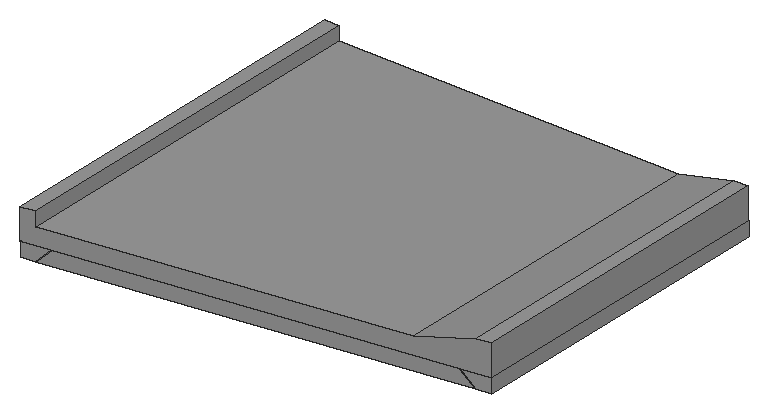
Revit family "消力池", category 常规模型, Revit 2019
Family settings
  可将钢筋附着到主体 = 否
  圆形连接件大小 = 使用直径
  零件类型 = 标准
  基于工作平面 = 否
  总是垂直 = 是
  加载时剪切的空心 = 否
  共享 = 否
  房间计算点 = 否
Parameters
  齿墙高 = 50 cm
  齿墙材质 = 钢筋混凝土 C25
  齿墙底宽 = 50 cm
  齿墙倾角 = 45.00°
  长边宽 [instance] = 宽度 + 总长 * tan(平面扩散角)  # 1346.3302 cm
  消力池材质 = 钢筋混凝土 C25
  消力池厚度 = 60 cm
  总长 [instance] = 1498 cm
  平面扩散角 [instance] = 8.00°
  宽度 [instance] = 1135.8 cm
  型号 = "STILLING_BASIN"
  中间齿墙是否存在 = no
  中间齿墙下游端距下游 = 450 cm
  下游台阶高 = 50 cm
  下游台阶长 = 50 cm
  上游台阶高 = 50 cm
  上游台阶长 = 50 cm
  上游台阶斜坡长 = 200 cm
  pj [instance] = atan(cos(平面扩散角) * tan(齿墙倾角))  # 44.7198°
  mp [instance] = 中间齿墙下游端距下游 * tan(平面扩散角) + 齿墙底宽  # 113.2434 cm
  lp [instance] = 齿墙底宽 * tan(平面扩散角)  # 7.027 cm
  -j [instance] = -1 * 平面扩散角  # -8.00°
Reference planes (cm)
  plane 1 "中心(前/后)": y = 0
  plane 2: z = 0
  plane 3 "中心(左/右)": x = 0
  plane 4 "A": z = -110
  plane 5: x = -1498
  plane 6: y = -1135.8
  plane 7: y = -1346.3302
Dimensions and locks (cm)
  "总长": plane 5 to plane 3 "中心(左/右)"
  "宽度": plane 6 to plane 1 "中心(前/后)"
  "齿墙底宽": plane 5 to nested 4
  "齿墙底宽": nested 4 to plane 3 "中心(左/右)"
  "齿墙底宽": nested 6 to plane 1 "中心(前/后)"
  "长边宽": plane 7 to plane 1 "中心(前/后)"
  "中间齿墙下游端距下游": plane 5 to nested 6
  "lp": plane 7 to nested 4
  "齿墙底宽": nested 5 to plane 3 "中心(左/右)"
  "齿墙底宽": plane 5 to nested 5
  "mp": plane 7 to nested 6
  aligned and locked: level to plane 2
  aligned and locked: plane 5 to nested 2
  aligned and locked: nested 1 to plane 3 "中心(左/右)"
  aligned and locked: nested 2 to plane 7
  aligned and locked: nested 3 to plane 1 "中心(前/后)"
  aligned and locked: plane 6 to nested 3
Nested families (cm)
  nested 1: "消力池面" at (-52, 0, 0), 消力池材质 <- "消力池材质", type "消力池面"
    with 消力池材质 钢筋混凝土 C25, 总长 1498 cm, 宽度 1135.8 cm, ql 210.5302 cm, gj 13.3392°, bigw 1346.3302 cm
  nested 2: "齿墙" at (-1498, 0, -110) x (0, -1, 0) z (0, 0, 1), type "齿墙下游"
    with built-in parameter 1001306 44.171 (stored number, unit not read), zy 0 cm, zx 50 cm, zrx 50 cm, w_all 100 cm, rqy 200 cm, rqp 113.9173 cm, rpp 0 cm, rp 0 cm, qry 100 cm, qrx 14.0541 cm, qly 100 cm, qlx 0 cm, lqy 200 cm, lqp 50 cm
  nested 3: "齿墙" at (0, -1135.8, -110) x (0, 1, 0) z (0, 0, 1), type "齿墙上游"
    with built-in parameter 1001306 37.264 (stored number, unit not read), zy 0 cm, zx 14.0541 cm, zrx 50 cm, w_all 100 cm, rqy 200 cm, rqp 100 cm, rpp 0 cm, rp 0 cm, qry 100 cm, qrx 0 cm, qly 100 cm, qlx 14.0541 cm, lqy 200 cm, lqp 63.9173 cm
  nested 4: "齿墙" at (-1448, -1339.3031, -110), type "齿墙左岸"
    with built-in parameter 1001306 45.866 (stored number, unit not read), zy 7.027 cm, zx 50 cm, zrx 50 cm, w_all 100 cm, rqy 200 cm, rqp 100 cm, rpp 196.4761 cm, rp 210.5302 cm, qry 100 cm, qrx 0 cm, qly 100 cm, qlx 0 cm, lqy 417.5572 cm, lqp 50 cm
  nested 5: "齿墙" at (-50, 0, -110) x (-1, 0, 0) z (0, 0, 1), type "齿墙轴线位置"
    with built-in parameter 1001306 45.866 (stored number, unit not read), zy 0 cm, zx 50 cm, zrx 50 cm, w_all 100 cm, rqy 200 cm, rqp 100 cm, rpp 0 cm, rp 0 cm, qry 100 cm, qrx 0 cm, qly 100 cm, qlx 0 cm, lqy 200 cm, lqp 50 cm
  nested 6: "齿墙" at (-1048, -50, -110) x (0, -1, 0) z (0, 0, 1), visible <- "中间齿墙是否存在", type "齿墙中间"
    with built-in parameter 1001306 38.815 (stored number, unit not read), zy 0 cm, zx 50 cm, zrx 50 cm, w_all 150 cm, rqy 250 cm, rqp 120.876 cm, rpp 0 cm, rp 0 cm, qry 100 cm, qrx 14.0541 cm, qly 100 cm, qlx 0 cm, lqy 300 cm, lqp 50 cm
Definition of nested family "消力池面"
  Parameters (values of type "消力池面")
    远侧台阶平台长 = 50 cm
    远侧台阶高度 = 50 cm
    近侧台阶高度 = 50 cm
    近侧台阶斜坡长度 = 200 cm
    近侧台阶平台长 = 50 cm
    消力池材质 [instance] = none
    消力池厚度 = 60 cm
    总长 = 998 cm
    平面扩散角 = 8.00°
    宽度 = 1138 cm
    ql = 总长 * tan(平面扩散角)  # 140.2598 cm
    gj = 平面扩散角 + atan(140 cm / 总长)  # 15.9854°
    bigw = 宽度 + ql  # 1278.2598 cm
  Reference planes (cm)
    plane 1 "中心(前/后)": y = 0
    plane 2: z = 0
    plane 3 "中心(左/右)": x = 52
    plane 4: x = 2
    plane 5: x = -198
    plane 6: z = -50
    plane 7: x = -896
    plane 8: z = -110
    plane 9: x = -946
    plane 10: y = -1278.2598
    plane 11: x = -946
    plane 12: y = -1418.5195
  Forms (cm)
    Extrusion 1, solid, material <- "消力池材质"
      sketch origin (0, 0, 0) x (1, 0, 0) y (0, 0, 1)
        loop
          line (-896, 0) -> (-946, 0) -> (-946, -110) -> (52, -110) -> (52, 0) -> (2, 0) -> (-198, -50) -> (-896, -50) -> (-896, 0)
      from 0 to 1278.2598
    Extrusion 2, void
      sketch origin (0, 0, 0) x (1, 0, 0) y (0, 1, 0)
        loop
          line (-946, -1278.2598) -> (52, -1418.5195) -> (52, -1138.2598) -> (-946, -1278.2598)
      from -110 to 0
  Cuts and joins
    Extrusion 2 cuts Extrusion 1
  Lines and regions (cm)
    reference lines
      curve 1: line (5102.7858, 1390.2252, 0) -> (5102.7858, 1370.2252, 0)
  Dimensions and locks (cm)
    "近侧台阶平台长": plane 3 "中心(左/右)" to plane 4
    "近侧台阶斜坡长度": plane 5 to plane 4
    "近侧台阶高度": Extrusion 1 sketch curve to plane 6
    "远侧台阶高度": Extrusion 1 sketch curve to plane 6
    "消力池厚度": plane 6 to plane 8
    "总长": plane 3 "中心(左/右)" to plane 9
    "远侧台阶平台长": plane 9 to plane 7
    "bigw": plane 10 to plane 1 "中心(前/后)"
    "总长": plane 11 to plane 3 "中心(左/右)"
    locked: plane 10 to plane 12 at 140.2598
    "gj": angle Extrusion 2 sketch curve to Extrusion 2 sketch curve
    aligned and locked: level to plane 2
    aligned and locked: plane 4 to Extrusion 1 sketch curve
    aligned and locked: plane 7 to Extrusion 1 sketch curve
    aligned and locked: Extrusion 1 sketch curve to plane 8
    aligned and locked: plane 9 to Extrusion 1 sketch curve
    aligned and locked: Extrusion 1 to plane 1 "中心(前/后)"
    aligned and locked: Extrusion 1 to plane 10
    aligned and locked: plane 12 to Extrusion 2 sketch curve
    aligned and locked: plane 11 to Extrusion 2 sketch curve
    aligned and locked: plane 10 to Extrusion 2 sketch curve
    aligned and locked: Extrusion 2 sketch curve to plane 3 "中心(左/右)"
    aligned and locked: level to Extrusion 2
    aligned and locked: Extrusion 2 to Extrusion 1
  Automatic sketch dimensions
    plane 3 "中心(左/右)" to curve 1 = 5050.7858 cm
    curve 1 to curve 1 = 20 cm
    curve 1 to plane 1 "中心(前/后)" = 1370.2252 cm
    plane 5 to Extrusion 1 sketch curve = 0 cm
    Extrusion 1 sketch curve to plane 3 "中心(左/右)" = 0 cm
    Extrusion 1 sketch curve to plane 6 = 0 cm
Definition of nested family "齿墙"
  Parameters (values of type "中间齿墙")
    齿墙材质 = none
    高 = 50 cm
    built-in parameter 1001306 [instance] = 1200 cm
    整体倾斜角 = 0.00°
    底宽 = 86 cm
    截面左倾角 = 60.00°
    截面右倾角 = 60.00°
    左端竖切倾角 = 0.00°
    zrx [instance] = if(右端倾斜角 < 0.00°, w_all * tan(整体倾斜角 - 右端倾斜角), 50 cm)  # 50 cm
    rqy [instance] = w_all + 100 cm  # 359.2051 cm
    rpp [instance] = [built-in parameter 1001306] * tan(整体倾斜角)  # 0 cm
    qry [instance] = if(右端倾斜角 < 0.00°, 0 cm, 100 cm)  # 100 cm
    qrx [instance] = if(右端倾斜角 < 0.00°, 0 cm, qry * tan(右端倾斜角))  # 173.2051 cm
    lqy [instance] = 2 * w_all + rp + zy  # 518.4102 cm
    左端倾斜角 = 0.00°
    右端竖切倾角 = 59.00°
    右端倾斜角 = 60.00°
    zy [instance] = zx * tan(整体倾斜角)  # 0 cm
    zx [instance] = if(左端倾斜角 < 0.00°, -1 * w_all * tan(左端倾斜角), 50 cm)  # 50 cm
    w_all [instance] = 底宽 + if(截面左倾角 = 90.00°, 0 cm, 高 * tan(截面左倾角)) + if(截面右倾角 = 90.00°, 0 cm, 高 * tan(截面右倾角))  # 259.2051 cm
    rqp [instance] = w_all * sin(abs(右端倾斜角)) + 100 cm  # 324.4782 cm
    rp [instance] = ([built-in parameter 1001306] + zx + zrx) * tan(整体倾斜角)  # 0 cm
    qly [instance] = if(左端倾斜角 > 0.00°, 0 cm, 100 cm)  # 100 cm
    qlx [instance] = if(左端倾斜角 > 0.00°, 0 cm, -1 * qly * tan(左端倾斜角))  # 0 cm
    lqp [instance] = (w_all + zy) * sin(abs(左端倾斜角)) + 50 cm  # 50 cm
  Types (6, lengths in cm): name | 整体倾斜角 | 底宽 | 截面左倾角 | 截面右倾角 | 左端竖切倾角 | rqy | rpp | qrx | lqy | 左端倾斜角 | 右端竖切倾角 | 右端倾斜角 | zy | zx | w_all | rqp | rp | qlx | lqp
    中间齿墙 | 0.00° | 86 | 60.00° | 60.00° | 0.00° | 359.2051 | 0 | 173.2051 | 518.4102 | 0.00° | 59.00° | 60.00° | 0 | 50 | 259.2051 | 324.4782 | 0 | 0 | 50
    齿墙中间 | 0.00° | 50 | 45.00° | 45.00° | 45.00° | 250 | 0 | 14.0541 | 300 | 0.00° | 44.7198° | 8.00° | 0 | 50 | 150 | 120.876 | 0 | 0 | 50
    齿墙轴线位置 | 0.00° | 50 | 45.00° | 90.00° | 45.00° | 200 | 0 | 0 | 200 | 0.00° | 45.00° | 0.00° | 0 | 50 | 100 | 100 | 0 | 0 | 50
    齿墙左岸 | 8.00° | 50 | 45.00° | 90.00° | 45.00° | 200 | 168.649 | 0 | 389.7301 | 0.00° | 45.00° | 0.00° | 7.027 | 50 | 100 | 100 | 182.7031 | 0 | 50
    齿墙下游 | 0.00° | 50 | 45.00° | 90.00° | 0.00° | 200 | 0 | 14.0541 | 200 | 0.00° | 0.00° | 8.00° | 0 | 50 | 100 | 113.9173 | 0 | 0 | 50
    齿墙上游 | 0.00° | 50 | 45.00° | 90.00° | 0.00° | 200 | 0 | 0 | 200 | -8.00° | 0.00° | 0.00° | 0 | 14.0541 | 100 | 100 | 0 | 14.0541 | 63.9173
  Reference planes (cm)
    plane 1 "中心(前/后)": y = 0
    plane 2: z = 0
    plane 3 "左": x = 0
    plane 4 "右": x = 1200
    plane 5: z = -50
    plane 6: z = -50
    plane 7: y = 0
    plane 8: y = 0
    plane 9: x = -50
    plane 10: y = -100
    plane 11: x = 0
    plane 12: x = 1250
    plane 13: y = 518.4102
    plane 14: y = -100
    plane 15: x = 1373.2051
    plane 16: y = 359.2051
  Forms (cm)
    SweptBlend 1, solid, material <- "齿墙材质"
      path in 3D
        loop
          line (-50, 0, 0) -> (1250, 0, 0)
      profile "齿墙轮廓 : 齿墙轮廓左" origin (-50, 0, 0) x (0, 1, 0) y (0, 0, 1)
        loop
          line (172.6025, -50) -> (259.2051, 0) -> (0, 0) -> (86.6025, -50) -> (172.6025, -50)
      end profile "齿墙轮廓 : 齿墙轮廓右" origin (1250, 0, 0) x (0, 1, 0) y (0, 0, 1)
        loop
          line (172.6025, -50) -> (259.2051, 0) -> (0, 0) -> (86.6025, -50) -> (172.6025, -50)
    Sweep 2, void
      path in 3D
        loop
          line (0, -100, 0) -> (0, 518.4102, 0)
      profile "剪切轮廓 : 剪切轮廓" origin (0, 209.2051, 0) x (-1, 0, 0) y (0, 0, 1)
        loop
          line (50, 0) -> (0, 0) -> (0, -50) -> (50, -50) -> (50, 0)
    Sweep 3, void
      path in 3D
        loop
          line (1373.2051, -100, 0) -> (577.8385, 359.2051, 0)
      profile "剪切轮廓 : 剪切轮廓右" origin (975.5218, 129.6025, 0) x (-0.5, -0.866025, 0) y (0, 0, 1)
        loop
          line (-324.4782, 0) -> (-324.4782, -50) -> (0, -50) -> (83.214, 0) -> (-324.4782, 0)
  Cuts and joins
    Sweep 2, Sweep 3 cuts SweptBlend 1
  Lines and regions (cm)
    reference lines
      curve 1: line (0, 0, 0) -> (1200, 0, 0)
      curve 2: line (0, -100, 0) -> (0, 518.4102, 0)
      curve 3: line (-50, 0, 0) -> (1250, 0, 0)
      curve 6: line (1373.2051, -100, 0) -> (577.8385, 359.2051, 0)
    sketch lines
      curve 4: line (-50, 0, 0) -> (1250, 0, 0)
      curve 5: line (0, -100, 0) -> (0, 518.4102, 0)
      curve 7: line (1373.2051, -100, 0) -> (577.8385, 359.2051, 0)
  Dimensions and locks (cm)
    "built-in parameter 1001306": plane 3 "左" to plane 4 "右"
    "高": level to plane 5
    "高": plane 2 to plane 6
    "rpp": plane 1 "中心(前/后)" to plane 7
    "zy": plane 8 to plane 1 "中心(前/后)"
    "zx": plane 9 to plane 3 "左"
    "qly": plane 1 "中心(前/后)" to plane 10
    "qlx": plane 3 "左" to plane 11
    "zrx": plane 4 "右" to plane 12
    "lqy": plane 8 to plane 13
    "qry": plane 7 to plane 14
    "qrx": plane 4 "右" to plane 15
    "rqy": plane 16 to plane 7
    "左端倾斜角": angle curve 2 to plane 11
    "右端倾斜角": angle plane 15 to curve 6
    aligned and locked: level to plane 2
    aligned and locked: plane 11 to curve 2
    aligned and locked: plane 10 to curve 2
    aligned and locked: plane 13 to curve 2
    aligned and locked: curve 3 to plane 8
    aligned and locked: plane 9 to curve 3
    aligned and locked: plane 12 to curve 3
    aligned and locked: plane 15 to curve 6
    aligned and locked: plane 14 to curve 6
    aligned and locked: plane 16 to curve 6
  Automatic sketch dimensions
    plane 1 "中心(前/后)" to curve 1 = 0 cm
    curve 1 to plane 4 "右" = 0 cm
